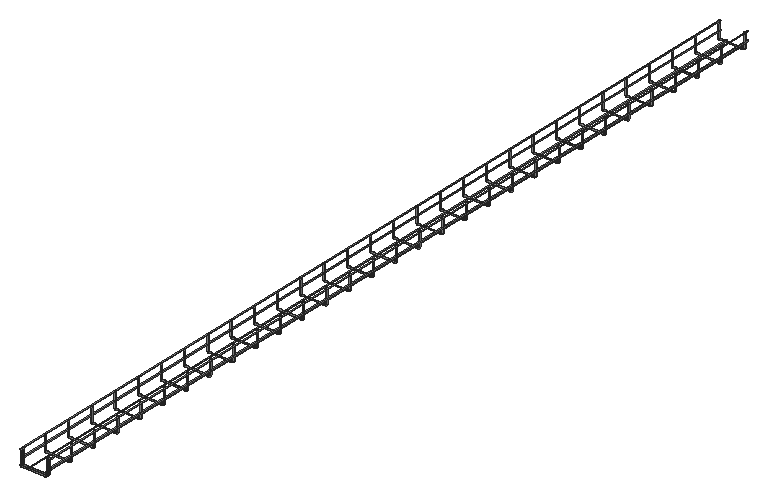
Revit family "Gitterrinne GRM - GRM 55 100 FT,GRM 55 100 G,GRM 55 100 A2,GRM 55 100 A4,", category Generic Models, Revit 2017
Family settings
  Can host rebar = No
  Round Connector Dimension = Use Diameter
  Part Type = Normal
  Work Plane-Based = No
  Always vertical = Yes
  Cut with Voids When Loaded = No
  Shared = No
  Room Calculation Point = No
Parameters (values of type "GRM 55 100 A2")
  Width 1 = Width / 2  # 50 mm
  Width = 100 mm
  URL = "http://www.obo-bettermann.com"
  Material = Stainless steel, A2
  Manufacturer Art.No. = "6001072"
  Manufacturer = "OBO Bettermann"
  Length = 3000 mm
  GTIN = "4012196101290"
  Article Type = "GRM 55 100 A2"
Types (5, lengths in mm): name | Material | Manufacturer Art.No. | GTIN | Article Type
  (no name) | Stainless steel, A2 | "6001072" | "4012196101290" | "GRM 55 100 A2"
  GRM 55 100 FT | Hot-dip galvanised | "6001416" | "4012196814879" | "GRM 55 100 FT"
  GRM 55 100 G | Electrogalvanised | "6001442" | "4012196858552" | "GRM 55 100 G"
  GRM 55 100 A2 | Stainless steel, A2 | "6001072" | "4012196101290" | "GRM 55 100 A2"
  GRM 55 100 A4 | Stainless steel, A4 | "6001088" | "4012195166016" | "GRM 55 100 A4"
Reference planes
  plane 1 "Center (Front/Back)": y = 0
  plane 2: z = 0
  plane 3 "Center (Left/Right)": x = 0
  plane 4: y = -2991.37
  plane 5: y = 8.63
Forms (mm)
  Sweep 1, solid, material "Stainless steel, A2" <- "Material"
    path in 3D
      loop
        line (-44.9, 0, 0) -> (-44.9, 0, -48.992)
        arc (-44.9, 0, -48.992) -> (-43.755, 0, -51.755) -> (-40.992, 0, -52.9) r 3.908
        line (-40.992, 0, -52.9) -> (41.043, 0, -52.9)
        arc (41.043, 0, -52.9) -> (43.77, 0, -51.77) -> (44.9, 0, -49.043) r 3.857
        line (44.9, 0, -49.043) -> (44.9, 0, 0)
    profile origin (44.9, 0, -24.521) x (-1, 0, 0) y (0, -1, 0)
      loop
        circle (0, 0) r 1.9
  Extrusion 2, solid, material "Stainless steel, A2" <- "Material"
    sketch origin (0, 0, 0) x (1, 0, 0) y (0, 0, 1)
      loop
        circle (-48.1, -1.9) r 1.9
      loop
        circle (-48.1, -31) r 1.9
      loop
        circle (-25, -56.1) r 1.9
      loop
        circle (48.1, -1.9) r 1.9
      loop
        circle (48.1, -31) r 1.9
      loop
        circle (25, -56.1) r 1.9
    from -8.63 to 2991.37
  Sweep 3, solid, material "Stainless steel, A2" <- "Material"
    path in 3D
      loop
        line (-44.9, -100, 0) -> (-44.9, -100, -48.992)
        arc (-44.9, -100, -48.992) -> (-43.755, -100, -51.755) -> (-40.992, -100, -52.9) r 3.908
        line (-40.992, -100, -52.9) -> (41.043, -100, -52.9)
        arc (41.043, -100, -52.9) -> (43.77, -100, -51.77) -> (44.9, -100, -49.043) r 3.857
        line (44.9, -100, -49.043) -> (44.9, -100, 0)
    profile origin (44.9, -100, -24.521) x (-1, 0, 0) y (0, -1, 0)
      loop
        circle (0, 0) r 1.9
  Sweep 4, solid, material "Stainless steel, A2" <- "Material"
    path in 3D
      loop
        line (-44.9, -200, 0) -> (-44.9, -200, -48.992)
        arc (-44.9, -200, -48.992) -> (-43.755, -200, -51.755) -> (-40.992, -200, -52.9) r 3.908
        line (-40.992, -200, -52.9) -> (41.043, -200, -52.9)
        arc (41.043, -200, -52.9) -> (43.77, -200, -51.77) -> (44.9, -200, -49.043) r 3.857
        line (44.9, -200, -49.043) -> (44.9, -200, 0)
    profile origin (44.9, -200, -24.521) x (-1, 0, 0) y (0, -1, 0)
      loop
        circle (0, 0) r 1.9
  Sweep 5, solid, material "Stainless steel, A2" <- "Material"
    path in 3D
      loop
        line (-44.9, -300, 0) -> (-44.9, -300, -48.992)
        arc (-44.9, -300, -48.992) -> (-43.755, -300, -51.755) -> (-40.992, -300, -52.9) r 3.908
        line (-40.992, -300, -52.9) -> (41.043, -300, -52.9)
        arc (41.043, -300, -52.9) -> (43.77, -300, -51.77) -> (44.9, -300, -49.043) r 3.857
        line (44.9, -300, -49.043) -> (44.9, -300, 0)
    profile origin (44.9, -300, -24.521) x (-1, 0, 0) y (0, -1, 0)
      loop
        circle (0, 0) r 1.9
  Sweep 6, solid, material "Stainless steel, A2" <- "Material"
    path in 3D
      loop
        line (-44.9, -400, 0) -> (-44.9, -400, -48.992)
        arc (-44.9, -400, -48.992) -> (-43.755, -400, -51.755) -> (-40.992, -400, -52.9) r 3.908
        line (-40.992, -400, -52.9) -> (41.043, -400, -52.9)
        arc (41.043, -400, -52.9) -> (43.77, -400, -51.77) -> (44.9, -400, -49.043) r 3.857
        line (44.9, -400, -49.043) -> (44.9, -400, 0)
    profile origin (44.9, -400, -24.521) x (-1, 0, 0) y (0, -1, 0)
      loop
        circle (0, 0) r 1.9
  Sweep 7, solid, material "Stainless steel, A2" <- "Material"
    path in 3D
      loop
        line (-44.9, -500, 0) -> (-44.9, -500, -48.992)
        arc (-44.9, -500, -48.992) -> (-43.755, -500, -51.755) -> (-40.992, -500, -52.9) r 3.908
        line (-40.992, -500, -52.9) -> (41.043, -500, -52.9)
        arc (41.043, -500, -52.9) -> (43.77, -500, -51.77) -> (44.9, -500, -49.043) r 3.857
        line (44.9, -500, -49.043) -> (44.9, -500, 0)
    profile origin (44.9, -500, -24.521) x (-1, 0, 0) y (0, -1, 0)
      loop
        circle (0, 0) r 1.9
  Sweep 8, solid, material "Stainless steel, A2" <- "Material"
    path in 3D
      loop
        line (-44.9, -600, 0) -> (-44.9, -600, -48.992)
        arc (-44.9, -600, -48.992) -> (-43.755, -600, -51.755) -> (-40.992, -600, -52.9) r 3.908
        line (-40.992, -600, -52.9) -> (41.043, -600, -52.9)
        arc (41.043, -600, -52.9) -> (43.77, -600, -51.77) -> (44.9, -600, -49.043) r 3.857
        line (44.9, -600, -49.043) -> (44.9, -600, 0)
    profile origin (44.9, -600, -24.521) x (-1, 0, 0) y (0, -1, 0)
      loop
        circle (0, 0) r 1.9
  Sweep 9, solid, material "Stainless steel, A2" <- "Material"
    path in 3D
      loop
        line (-44.9, -700, 0) -> (-44.9, -700, -48.992)
        arc (-44.9, -700, -48.992) -> (-43.755, -700, -51.755) -> (-40.992, -700, -52.9) r 3.908
        line (-40.992, -700, -52.9) -> (41.043, -700, -52.9)
        arc (41.043, -700, -52.9) -> (43.77, -700, -51.77) -> (44.9, -700, -49.043) r 3.857
        line (44.9, -700, -49.043) -> (44.9, -700, 0)
    profile origin (44.9, -700, -24.521) x (-1, 0, 0) y (0, -1, 0)
      loop
        circle (0, 0) r 1.9
  Sweep 10, solid, material "Stainless steel, A2" <- "Material"
    path in 3D
      loop
        line (-44.9, -800, 0) -> (-44.9, -800, -48.992)
        arc (-44.9, -800, -48.992) -> (-43.755, -800, -51.755) -> (-40.992, -800, -52.9) r 3.908
        line (-40.992, -800, -52.9) -> (41.043, -800, -52.9)
        arc (41.043, -800, -52.9) -> (43.77, -800, -51.77) -> (44.9, -800, -49.043) r 3.857
        line (44.9, -800, -49.043) -> (44.9, -800, 0)
    profile origin (44.9, -800, -24.521) x (-1, 0, 0) y (0, -1, 0)
      loop
        circle (0, 0) r 1.9
  Sweep 11, solid, material "Stainless steel, A2" <- "Material"
    path in 3D
      loop
        line (-44.9, -900, 0) -> (-44.9, -900, -48.992)
        arc (-44.9, -900, -48.992) -> (-43.755, -900, -51.755) -> (-40.992, -900, -52.9) r 3.908
        line (-40.992, -900, -52.9) -> (41.043, -900, -52.9)
        arc (41.043, -900, -52.9) -> (43.77, -900, -51.77) -> (44.9, -900, -49.043) r 3.857
        line (44.9, -900, -49.043) -> (44.9, -900, 0)
    profile origin (44.9, -900, -24.521) x (-1, 0, 0) y (0, -1, 0)
      loop
        circle (0, 0) r 1.9
  Sweep 12, solid, material "Stainless steel, A2" <- "Material"
    path in 3D
      loop
        line (-44.9, -1000, 0) -> (-44.9, -1000, -48.992)
        arc (-44.9, -1000, -48.992) -> (-43.755, -1000, -51.755) -> (-40.992, -1000, -52.9) r 3.908
        line (-40.992, -1000, -52.9) -> (41.043, -1000, -52.9)
        arc (41.043, -1000, -52.9) -> (43.77, -1000, -51.77) -> (44.9, -1000, -49.043) r 3.857
        line (44.9, -1000, -49.043) -> (44.9, -1000, 0)
    profile origin (44.9, -1000, -24.521) x (-1, 0, 0) y (0, -1, 0)
      loop
        circle (0, 0) r 1.9
  Sweep 13, solid, material "Stainless steel, A2" <- "Material"
    path in 3D
      loop
        line (-44.9, -1100, 0) -> (-44.9, -1100, -48.992)
        arc (-44.9, -1100, -48.992) -> (-43.755, -1100, -51.755) -> (-40.992, -1100, -52.9) r 3.908
        line (-40.992, -1100, -52.9) -> (41.043, -1100, -52.9)
        arc (41.043, -1100, -52.9) -> (43.77, -1100, -51.77) -> (44.9, -1100, -49.043) r 3.857
        line (44.9, -1100, -49.043) -> (44.9, -1100, 0)
    profile origin (44.9, -1100, -24.521) x (-1, 0, 0) y (0, -1, 0)
      loop
        circle (0, 0) r 1.9
  Sweep 14, solid, material "Stainless steel, A2" <- "Material"
    path in 3D
      loop
        line (-44.9, -1200, 0) -> (-44.9, -1200, -48.992)
        arc (-44.9, -1200, -48.992) -> (-43.755, -1200, -51.755) -> (-40.992, -1200, -52.9) r 3.908
        line (-40.992, -1200, -52.9) -> (41.043, -1200, -52.9)
        arc (41.043, -1200, -52.9) -> (43.77, -1200, -51.77) -> (44.9, -1200, -49.043) r 3.857
        line (44.9, -1200, -49.043) -> (44.9, -1200, 0)
    profile origin (44.9, -1200, -24.521) x (-1, 0, 0) y (0, -1, 0)
      loop
        circle (0, 0) r 1.9
  Sweep 15, solid, material "Stainless steel, A2" <- "Material"
    path in 3D
      loop
        line (-44.9, -1300, 0) -> (-44.9, -1300, -48.992)
        arc (-44.9, -1300, -48.992) -> (-43.755, -1300, -51.755) -> (-40.992, -1300, -52.9) r 3.908
        line (-40.992, -1300, -52.9) -> (41.043, -1300, -52.9)
        arc (41.043, -1300, -52.9) -> (43.77, -1300, -51.77) -> (44.9, -1300, -49.043) r 3.857
        line (44.9, -1300, -49.043) -> (44.9, -1300, 0)
    profile origin (44.9, -1300, -24.521) x (-1, 0, 0) y (0, -1, 0)
      loop
        circle (0, 0) r 1.9
  Sweep 16, solid, material "Stainless steel, A2" <- "Material"
    path in 3D
      loop
        line (-44.9, -1400, 0) -> (-44.9, -1400, -48.992)
        arc (-44.9, -1400, -48.992) -> (-43.755, -1400, -51.755) -> (-40.992, -1400, -52.9) r 3.908
        line (-40.992, -1400, -52.9) -> (41.043, -1400, -52.9)
        arc (41.043, -1400, -52.9) -> (43.77, -1400, -51.77) -> (44.9, -1400, -49.043) r 3.857
        line (44.9, -1400, -49.043) -> (44.9, -1400, 0)
    profile origin (44.9, -1400, -24.521) x (-1, 0, 0) y (0, -1, 0)
      loop
        circle (0, 0) r 1.9
  Sweep 17, solid, material "Stainless steel, A2" <- "Material"
    path in 3D
      loop
        line (-44.9, -1500, 0) -> (-44.9, -1500, -48.992)
        arc (-44.9, -1500, -48.992) -> (-43.755, -1500, -51.755) -> (-40.992, -1500, -52.9) r 3.908
        line (-40.992, -1500, -52.9) -> (41.043, -1500, -52.9)
        arc (41.043, -1500, -52.9) -> (43.77, -1500, -51.77) -> (44.9, -1500, -49.043) r 3.857
        line (44.9, -1500, -49.043) -> (44.9, -1500, 0)
    profile origin (44.9, -1500, -24.521) x (-1, 0, 0) y (0, -1, 0)
      loop
        circle (0, 0) r 1.9
  Sweep 18, solid, material "Stainless steel, A2" <- "Material"
    path in 3D
      loop
        line (-44.9, -1600, 0) -> (-44.9, -1600, -48.992)
        arc (-44.9, -1600, -48.992) -> (-43.755, -1600, -51.755) -> (-40.992, -1600, -52.9) r 3.908
        line (-40.992, -1600, -52.9) -> (41.043, -1600, -52.9)
        arc (41.043, -1600, -52.9) -> (43.77, -1600, -51.77) -> (44.9, -1600, -49.043) r 3.857
        line (44.9, -1600, -49.043) -> (44.9, -1600, 0)
    profile origin (44.9, -1600, -24.521) x (-1, 0, 0) y (0, -1, 0)
      loop
        circle (0, 0) r 1.9
  Sweep 19, solid, material "Stainless steel, A2" <- "Material"
    path in 3D
      loop
        line (-44.9, -1700, 0) -> (-44.9, -1700, -48.992)
        arc (-44.9, -1700, -48.992) -> (-43.755, -1700, -51.755) -> (-40.992, -1700, -52.9) r 3.908
        line (-40.992, -1700, -52.9) -> (41.043, -1700, -52.9)
        arc (41.043, -1700, -52.9) -> (43.77, -1700, -51.77) -> (44.9, -1700, -49.043) r 3.857
        line (44.9, -1700, -49.043) -> (44.9, -1700, 0)
    profile origin (44.9, -1700, -24.521) x (-1, 0, 0) y (0, -1, 0)
      loop
        circle (0, 0) r 1.9
  Sweep 20, solid, material "Stainless steel, A2" <- "Material"
    path in 3D
      loop
        line (-44.9, -1800, 0) -> (-44.9, -1800, -48.992)
        arc (-44.9, -1800, -48.992) -> (-43.755, -1800, -51.755) -> (-40.992, -1800, -52.9) r 3.908
        line (-40.992, -1800, -52.9) -> (41.043, -1800, -52.9)
        arc (41.043, -1800, -52.9) -> (43.77, -1800, -51.77) -> (44.9, -1800, -49.043) r 3.857
        line (44.9, -1800, -49.043) -> (44.9, -1800, 0)
    profile origin (44.9, -1800, -24.521) x (-1, 0, 0) y (0, -1, 0)
      loop
        circle (0, 0) r 1.9
  Sweep 21, solid, material "Stainless steel, A2" <- "Material"
    path in 3D
      loop
        line (-44.9, -1900, 0) -> (-44.9, -1900, -48.992)
        arc (-44.9, -1900, -48.992) -> (-43.755, -1900, -51.755) -> (-40.992, -1900, -52.9) r 3.908
        line (-40.992, -1900, -52.9) -> (41.043, -1900, -52.9)
        arc (41.043, -1900, -52.9) -> (43.77, -1900, -51.77) -> (44.9, -1900, -49.043) r 3.857
        line (44.9, -1900, -49.043) -> (44.9, -1900, 0)
    profile origin (44.9, -1900, -24.521) x (-1, 0, 0) y (0, -1, 0)
      loop
        circle (0, 0) r 1.9
  Sweep 22, solid, material "Stainless steel, A2" <- "Material"
    path in 3D
      loop
        line (-44.9, -2000, 0) -> (-44.9, -2000, -48.992)
        arc (-44.9, -2000, -48.992) -> (-43.755, -2000, -51.755) -> (-40.992, -2000, -52.9) r 3.908
        line (-40.992, -2000, -52.9) -> (41.043, -2000, -52.9)
        arc (41.043, -2000, -52.9) -> (43.77, -2000, -51.77) -> (44.9, -2000, -49.043) r 3.857
        line (44.9, -2000, -49.043) -> (44.9, -2000, 0)
    profile origin (44.9, -2000, -24.521) x (-1, 0, 0) y (0, -1, 0)
      loop
        circle (0, 0) r 1.9
  Sweep 23, solid, material "Stainless steel, A2" <- "Material"
    path in 3D
      loop
        line (-44.9, -2100, 0) -> (-44.9, -2100, -48.992)
        arc (-44.9, -2100, -48.992) -> (-43.755, -2100, -51.755) -> (-40.992, -2100, -52.9) r 3.908
        line (-40.992, -2100, -52.9) -> (41.043, -2100, -52.9)
        arc (41.043, -2100, -52.9) -> (43.77, -2100, -51.77) -> (44.9, -2100, -49.043) r 3.857
        line (44.9, -2100, -49.043) -> (44.9, -2100, 0)
    profile origin (44.9, -2100, -24.521) x (-1, 0, 0) y (0, -1, 0)
      loop
        circle (0, 0) r 1.9
  Sweep 24, solid, material "Stainless steel, A2" <- "Material"
    path in 3D
      loop
        line (-44.9, -2200, 0) -> (-44.9, -2200, -48.992)
        arc (-44.9, -2200, -48.992) -> (-43.755, -2200, -51.755) -> (-40.992, -2200, -52.9) r 3.908
        line (-40.992, -2200, -52.9) -> (41.043, -2200, -52.9)
        arc (41.043, -2200, -52.9) -> (43.77, -2200, -51.77) -> (44.9, -2200, -49.043) r 3.857
        line (44.9, -2200, -49.043) -> (44.9, -2200, 0)
    profile origin (44.9, -2200, -24.521) x (-1, 0, 0) y (0, -1, 0)
      loop
        circle (0, 0) r 1.9
  Sweep 25, solid, material "Stainless steel, A2" <- "Material"
    path in 3D
      loop
        line (-44.9, -2300, 0) -> (-44.9, -2300, -48.992)
        arc (-44.9, -2300, -48.992) -> (-43.755, -2300, -51.755) -> (-40.992, -2300, -52.9) r 3.908
        line (-40.992, -2300, -52.9) -> (41.043, -2300, -52.9)
        arc (41.043, -2300, -52.9) -> (43.77, -2300, -51.77) -> (44.9, -2300, -49.043) r 3.857
        line (44.9, -2300, -49.043) -> (44.9, -2300, 0)
    profile origin (44.9, -2300, -24.521) x (-1, 0, 0) y (0, -1, 0)
      loop
        circle (0, 0) r 1.9
  Sweep 26, solid, material "Stainless steel, A2" <- "Material"
    path in 3D
      loop
        line (-44.9, -2400, 0) -> (-44.9, -2400, -48.992)
        arc (-44.9, -2400, -48.992) -> (-43.755, -2400, -51.755) -> (-40.992, -2400, -52.9) r 3.908
        line (-40.992, -2400, -52.9) -> (41.043, -2400, -52.9)
        arc (41.043, -2400, -52.9) -> (43.77, -2400, -51.77) -> (44.9, -2400, -49.043) r 3.857
        line (44.9, -2400, -49.043) -> (44.9, -2400, 0)
    profile origin (44.9, -2400, -24.521) x (-1, 0, 0) y (0, -1, 0)
      loop
        circle (0, 0) r 1.9
  Sweep 27, solid, material "Stainless steel, A2" <- "Material"
    path in 3D
      loop
        line (-44.9, -2500, 0) -> (-44.9, -2500, -48.992)
        arc (-44.9, -2500, -48.992) -> (-43.755, -2500, -51.755) -> (-40.992, -2500, -52.9) r 3.908
        line (-40.992, -2500, -52.9) -> (41.043, -2500, -52.9)
        arc (41.043, -2500, -52.9) -> (43.77, -2500, -51.77) -> (44.9, -2500, -49.043) r 3.857
        line (44.9, -2500, -49.043) -> (44.9, -2500, 0)
    profile origin (44.9, -2500, -24.521) x (-1, 0, 0) y (0, -1, 0)
      loop
        circle (0, 0) r 1.9
  Sweep 28, solid, material "Stainless steel, A2" <- "Material"
    path in 3D
      loop
        line (-44.9, -2600, 0) -> (-44.9, -2600, -48.992)
        arc (-44.9, -2600, -48.992) -> (-43.755, -2600, -51.755) -> (-40.992, -2600, -52.9) r 3.908
        line (-40.992, -2600, -52.9) -> (41.043, -2600, -52.9)
        arc (41.043, -2600, -52.9) -> (43.77, -2600, -51.77) -> (44.9, -2600, -49.043) r 3.857
        line (44.9, -2600, -49.043) -> (44.9, -2600, 0)
    profile origin (44.9, -2600, -24.521) x (-1, 0, 0) y (0, -1, 0)
      loop
        circle (0, 0) r 1.9
  Sweep 29, solid, material "Stainless steel, A2" <- "Material"
    path in 3D
      loop
        line (-44.9, -2700, 0) -> (-44.9, -2700, -48.992)
        arc (-44.9, -2700, -48.992) -> (-43.755, -2700, -51.755) -> (-40.992, -2700, -52.9) r 3.908
        line (-40.992, -2700, -52.9) -> (41.043, -2700, -52.9)
        arc (41.043, -2700, -52.9) -> (43.77, -2700, -51.77) -> (44.9, -2700, -49.043) r 3.857
        line (44.9, -2700, -49.043) -> (44.9, -2700, 0)
    profile origin (44.9, -2700, -24.521) x (-1, 0, 0) y (0, -1, 0)
      loop
        circle (0, 0) r 1.9
  Sweep 30, solid, material "Stainless steel, A2" <- "Material"
    path in 3D
      loop
        line (-44.9, -2800, 0) -> (-44.9, -2800, -48.992)
        arc (-44.9, -2800, -48.992) -> (-43.755, -2800, -51.755) -> (-40.992, -2800, -52.9) r 3.908
        line (-40.992, -2800, -52.9) -> (41.043, -2800, -52.9)
        arc (41.043, -2800, -52.9) -> (43.77, -2800, -51.77) -> (44.9, -2800, -49.043) r 3.857
        line (44.9, -2800, -49.043) -> (44.9, -2800, 0)
    profile origin (44.9, -2800, -24.521) x (-1, 0, 0) y (0, -1, 0)
      loop
        circle (0, 0) r 1.9
  Sweep 31, solid, material "Stainless steel, A2" <- "Material"
    path in 3D
      loop
        line (-44.9, -2900, 0) -> (-44.9, -2900, -48.992)
        arc (-44.9, -2900, -48.992) -> (-43.755, -2900, -51.755) -> (-40.992, -2900, -52.9) r 3.908
        line (-40.992, -2900, -52.9) -> (41.043, -2900, -52.9)
        arc (41.043, -2900, -52.9) -> (43.77, -2900, -51.77) -> (44.9, -2900, -49.043) r 3.857
        line (44.9, -2900, -49.043) -> (44.9, -2900, 0)
    profile origin (44.9, -2900, -24.521) x (-1, 0, 0) y (0, -1, 0)
      loop
        circle (0, 0) r 1.9
  Sweep 32, solid, material "Stainless steel, A2" <- "Material"
    path in 3D
      loop
        line (-44.9, -2995.782, 0) -> (-44.9, -2995.782, -48.992)
        arc (-44.9, -2995.782, -48.992) -> (-43.755, -2995.782, -51.755) -> (-40.992, -2995.782, -52.9) r 3.908
        line (-40.992, -2995.782, -52.9) -> (41.043, -2995.782, -52.9)
        arc (41.043, -2995.782, -52.9) -> (43.77, -2995.782, -51.77) -> (44.9, -2995.782, -49.043) r 3.857
        line (44.9, -2995.782, -49.043) -> (44.9, -2995.782, 0)
    profile origin (44.9, -2995.782, -24.521) x (-1, 0, 0) y (0, -1, 0)
      loop
        circle (0, 0) r 1.9
  Sweep 33, solid, material "Stainless steel, A2" <- "Material"
    path in 3D
      loop
        line (-44.9, -3004.099, 0) -> (-44.9, -3004.099, -48.992)
        arc (-44.9, -3004.099, -48.992) -> (-43.755, -3004.099, -51.755) -> (-40.992, -3004.099, -52.9) r 3.908
        line (-40.992, -3004.099, -52.9) -> (41.043, -3004.099, -52.9)
        arc (41.043, -3004.099, -52.9) -> (43.77, -3004.099, -51.77) -> (44.9, -3004.099, -49.043) r 3.857
        line (44.9, -3004.099, -49.043) -> (44.9, -3004.099, 0)
    profile origin (44.9, -3004.099, -24.521) x (-1, 0, 0) y (0, -1, 0)
      loop
        circle (0, 0) r 1.9
Lines and regions (mm)
  reference lines
    curve 1: line (-50, 0, 0) -> (-50, 0, -48.992)
    curve 2: line (-46.092, 0, -52.9) -> (46.143, 0, -52.9)
    curve 3: line (50, 0, -49.043) -> (50, 0, 0)
    curve 4: arc (46.143, 0, -52.9) -> (48.87, 0, -51.77) -> (50, 0, -49.043) r 3.857
    curve 5: arc (-50, 0, -48.992) -> (-48.855, 0, -51.755) -> (-46.092, 0, -52.9) r 3.908
  sketch lines
    curve 6: line (44.9, 0, -49.043) -> (44.9, 0, 0)
    curve 7: arc (41.043, 0, -52.9) -> (43.77, 0, -51.77) -> (44.9, 0, -49.043) r 3.857
    curve 8: line (-40.992, 0, -52.9) -> (41.043, 0, -52.9)
    curve 9: arc (-44.9, 0, -48.992) -> (-43.755, 0, -51.755) -> (-40.992, 0, -52.9) r 3.908
    curve 10: line (-44.9, 0, 0) -> (-44.9, 0, -48.992)
    curve 11: line (44.9, -100, -49.043) -> (44.9, -100, 0)
    curve 12: arc (41.043, -100, -52.9) -> (43.77, -100, -51.77) -> (44.9, -100, -49.043) r 3.857
    curve 13: line (-40.992, -100, -52.9) -> (41.043, -100, -52.9)
    curve 14: arc (-44.9, -100, -48.992) -> (-43.755, -100, -51.755) -> (-40.992, -100, -52.9) r 3.908
    curve 15: line (-44.9, -100, 0) -> (-44.9, -100, -48.992)
    curve 16: line (44.9, -200, -49.043) -> (44.9, -200, 0)
    curve 17: arc (41.043, -200, -52.9) -> (43.77, -200, -51.77) -> (44.9, -200, -49.043) r 3.857
    curve 18: line (-40.992, -200, -52.9) -> (41.043, -200, -52.9)
    curve 19: arc (-44.9, -200, -48.992) -> (-43.755, -200, -51.755) -> (-40.992, -200, -52.9) r 3.908
    curve 20: line (-44.9, -200, 0) -> (-44.9, -200, -48.992)
    curve 21: line (44.9, -300, -49.043) -> (44.9, -300, 0)
    curve 22: arc (41.043, -300, -52.9) -> (43.77, -300, -51.77) -> (44.9, -300, -49.043) r 3.857
    curve 23: line (-40.992, -300, -52.9) -> (41.043, -300, -52.9)
    curve 24: arc (-44.9, -300, -48.992) -> (-43.755, -300, -51.755) -> (-40.992, -300, -52.9) r 3.908
    curve 25: line (-44.9, -300, 0) -> (-44.9, -300, -48.992)
    curve 26: line (44.9, -400, -49.043) -> (44.9, -400, 0)
    curve 27: arc (41.043, -400, -52.9) -> (43.77, -400, -51.77) -> (44.9, -400, -49.043) r 3.857
    curve 28: line (-40.992, -400, -52.9) -> (41.043, -400, -52.9)
    curve 29: arc (-44.9, -400, -48.992) -> (-43.755, -400, -51.755) -> (-40.992, -400, -52.9) r 3.908
    curve 30: line (-44.9, -400, 0) -> (-44.9, -400, -48.992)
    curve 31: line (44.9, -500, -49.043) -> (44.9, -500, 0)
    curve 32: arc (41.043, -500, -52.9) -> (43.77, -500, -51.77) -> (44.9, -500, -49.043) r 3.857
    curve 33: line (-40.992, -500, -52.9) -> (41.043, -500, -52.9)
    curve 34: arc (-44.9, -500, -48.992) -> (-43.755, -500, -51.755) -> (-40.992, -500, -52.9) r 3.908
    curve 35: line (-44.9, -500, 0) -> (-44.9, -500, -48.992)
    curve 36: line (44.9, -600, -49.043) -> (44.9, -600, 0)
    curve 37: arc (41.043, -600, -52.9) -> (43.77, -600, -51.77) -> (44.9, -600, -49.043) r 3.857
    curve 38: line (-40.992, -600, -52.9) -> (41.043, -600, -52.9)
    curve 39: arc (-44.9, -600, -48.992) -> (-43.755, -600, -51.755) -> (-40.992, -600, -52.9) r 3.908
    curve 40: line (-44.9, -600, 0) -> (-44.9, -600, -48.992)
    curve 41: line (44.9, -700, -49.043) -> (44.9, -700, 0)
    curve 42: arc (41.043, -700, -52.9) -> (43.77, -700, -51.77) -> (44.9, -700, -49.043) r 3.857
    curve 43: line (-40.992, -700, -52.9) -> (41.043, -700, -52.9)
    curve 44: arc (-44.9, -700, -48.992) -> (-43.755, -700, -51.755) -> (-40.992, -700, -52.9) r 3.908
    curve 45: line (-44.9, -700, 0) -> (-44.9, -700, -48.992)
    curve 46: line (44.9, -800, -49.043) -> (44.9, -800, 0)
    curve 47: arc (41.043, -800, -52.9) -> (43.77, -800, -51.77) -> (44.9, -800, -49.043) r 3.857
    curve 48: line (-40.992, -800, -52.9) -> (41.043, -800, -52.9)
    curve 49: arc (-44.9, -800, -48.992) -> (-43.755, -800, -51.755) -> (-40.992, -800, -52.9) r 3.908
    curve 50: line (-44.9, -800, 0) -> (-44.9, -800, -48.992)
    curve 51: line (44.9, -900, -49.043) -> (44.9, -900, 0)
    curve 52: arc (41.043, -900, -52.9) -> (43.77, -900, -51.77) -> (44.9, -900, -49.043) r 3.857
    curve 53: line (-40.992, -900, -52.9) -> (41.043, -900, -52.9)
    curve 54: arc (-44.9, -900, -48.992) -> (-43.755, -900, -51.755) -> (-40.992, -900, -52.9) r 3.908
    curve 55: line (-44.9, -900, 0) -> (-44.9, -900, -48.992)
    curve 56: line (44.9, -1000, -49.043) -> (44.9, -1000, 0)
    curve 57: arc (41.043, -1000, -52.9) -> (43.77, -1000, -51.77) -> (44.9, -1000, -49.043) r 3.857
    curve 58: line (-40.992, -1000, -52.9) -> (41.043, -1000, -52.9)
    curve 59: arc (-44.9, -1000, -48.992) -> (-43.755, -1000, -51.755) -> (-40.992, -1000, -52.9) r 3.908
    curve 60: line (-44.9, -1000, 0) -> (-44.9, -1000, -48.992)
    curve 61: line (44.9, -1100, -49.043) -> (44.9, -1100, 0)
    curve 62: arc (41.043, -1100, -52.9) -> (43.77, -1100, -51.77) -> (44.9, -1100, -49.043) r 3.857
    curve 63: line (-40.992, -1100, -52.9) -> (41.043, -1100, -52.9)
    curve 64: arc (-44.9, -1100, -48.992) -> (-43.755, -1100, -51.755) -> (-40.992, -1100, -52.9) r 3.908
    curve 65: line (-44.9, -1100, 0) -> (-44.9, -1100, -48.992)
    curve 66: line (44.9, -1200, -49.043) -> (44.9, -1200, 0)
    curve 67: arc (41.043, -1200, -52.9) -> (43.77, -1200, -51.77) -> (44.9, -1200, -49.043) r 3.857
    curve 68: line (-40.992, -1200, -52.9) -> (41.043, -1200, -52.9)
    curve 69: arc (-44.9, -1200, -48.992) -> (-43.755, -1200, -51.755) -> (-40.992, -1200, -52.9) r 3.908
    curve 70: line (-44.9, -1200, 0) -> (-44.9, -1200, -48.992)
    curve 71: line (44.9, -1300, -49.043) -> (44.9, -1300, 0)
    curve 72: arc (41.043, -1300, -52.9) -> (43.77, -1300, -51.77) -> (44.9, -1300, -49.043) r 3.857
    curve 73: line (-40.992, -1300, -52.9) -> (41.043, -1300, -52.9)
    curve 74: arc (-44.9, -1300, -48.992) -> (-43.755, -1300, -51.755) -> (-40.992, -1300, -52.9) r 3.908
    curve 75: line (-44.9, -1300, 0) -> (-44.9, -1300, -48.992)
    curve 76: line (44.9, -1400, -49.043) -> (44.9, -1400, 0)
    curve 77: arc (41.043, -1400, -52.9) -> (43.77, -1400, -51.77) -> (44.9, -1400, -49.043) r 3.857
    curve 78: line (-40.992, -1400, -52.9) -> (41.043, -1400, -52.9)
    curve 79: arc (-44.9, -1400, -48.992) -> (-43.755, -1400, -51.755) -> (-40.992, -1400, -52.9) r 3.908
    curve 80: line (-44.9, -1400, 0) -> (-44.9, -1400, -48.992)
    curve 81: line (44.9, -1500, -49.043) -> (44.9, -1500, 0)
    curve 82: arc (41.043, -1500, -52.9) -> (43.77, -1500, -51.77) -> (44.9, -1500, -49.043) r 3.857
    curve 83: line (-40.992, -1500, -52.9) -> (41.043, -1500, -52.9)
    curve 84: arc (-44.9, -1500, -48.992) -> (-43.755, -1500, -51.755) -> (-40.992, -1500, -52.9) r 3.908
    curve 85: line (-44.9, -1500, 0) -> (-44.9, -1500, -48.992)
    curve 86: line (44.9, -1600, -49.043) -> (44.9, -1600, 0)
    curve 87: arc (41.043, -1600, -52.9) -> (43.77, -1600, -51.77) -> (44.9, -1600, -49.043) r 3.857
    curve 88: line (-40.992, -1600, -52.9) -> (41.043, -1600, -52.9)
    curve 89: arc (-44.9, -1600, -48.992) -> (-43.755, -1600, -51.755) -> (-40.992, -1600, -52.9) r 3.908
    curve 90: line (-44.9, -1600, 0) -> (-44.9, -1600, -48.992)
    curve 91: line (44.9, -1700, -49.043) -> (44.9, -1700, 0)
    curve 92: arc (41.043, -1700, -52.9) -> (43.77, -1700, -51.77) -> (44.9, -1700, -49.043) r 3.857
    curve 93: line (-40.992, -1700, -52.9) -> (41.043, -1700, -52.9)
    curve 94: arc (-44.9, -1700, -48.992) -> (-43.755, -1700, -51.755) -> (-40.992, -1700, -52.9) r 3.908
    curve 95: line (-44.9, -1700, 0) -> (-44.9, -1700, -48.992)
    curve 96: line (44.9, -1800, -49.043) -> (44.9, -1800, 0)
    curve 97: arc (41.043, -1800, -52.9) -> (43.77, -1800, -51.77) -> (44.9, -1800, -49.043) r 3.857
    curve 98: line (-40.992, -1800, -52.9) -> (41.043, -1800, -52.9)
    curve 99: arc (-44.9, -1800, -48.992) -> (-43.755, -1800, -51.755) -> (-40.992, -1800, -52.9) r 3.908
    curve 100: line (-44.9, -1800, 0) -> (-44.9, -1800, -48.992)
    curve 101: line (44.9, -1900, -49.043) -> (44.9, -1900, 0)
    curve 102: arc (41.043, -1900, -52.9) -> (43.77, -1900, -51.77) -> (44.9, -1900, -49.043) r 3.857
    curve 103: line (-40.992, -1900, -52.9) -> (41.043, -1900, -52.9)
    curve 104: arc (-44.9, -1900, -48.992) -> (-43.755, -1900, -51.755) -> (-40.992, -1900, -52.9) r 3.908
    curve 105: line (-44.9, -1900, 0) -> (-44.9, -1900, -48.992)
    curve 106: line (44.9, -2000, -49.043) -> (44.9, -2000, 0)
    curve 107: arc (41.043, -2000, -52.9) -> (43.77, -2000, -51.77) -> (44.9, -2000, -49.043) r 3.857
    curve 108: line (-40.992, -2000, -52.9) -> (41.043, -2000, -52.9)
    curve 109: arc (-44.9, -2000, -48.992) -> (-43.755, -2000, -51.755) -> (-40.992, -2000, -52.9) r 3.908
    curve 110: line (-44.9, -2000, 0) -> (-44.9, -2000, -48.992)
    curve 111: line (44.9, -2100, -49.043) -> (44.9, -2100, 0)
    curve 112: arc (41.043, -2100, -52.9) -> (43.77, -2100, -51.77) -> (44.9, -2100, -49.043) r 3.857
    curve 113: line (-40.992, -2100, -52.9) -> (41.043, -2100, -52.9)
    curve 114: arc (-44.9, -2100, -48.992) -> (-43.755, -2100, -51.755) -> (-40.992, -2100, -52.9) r 3.908
    curve 115: line (-44.9, -2100, 0) -> (-44.9, -2100, -48.992)
    curve 116: line (44.9, -2200, -49.043) -> (44.9, -2200, 0)
    curve 117: arc (41.043, -2200, -52.9) -> (43.77, -2200, -51.77) -> (44.9, -2200, -49.043) r 3.857
    curve 118: line (-40.992, -2200, -52.9) -> (41.043, -2200, -52.9)
    curve 119: arc (-44.9, -2200, -48.992) -> (-43.755, -2200, -51.755) -> (-40.992, -2200, -52.9) r 3.908
    curve 120: line (-44.9, -2200, 0) -> (-44.9, -2200, -48.992)
    curve 121: line (44.9, -2300, -49.043) -> (44.9, -2300, 0)
    curve 122: arc (41.043, -2300, -52.9) -> (43.77, -2300, -51.77) -> (44.9, -2300, -49.043) r 3.857
    curve 123: line (-40.992, -2300, -52.9) -> (41.043, -2300, -52.9)
    curve 124: arc (-44.9, -2300, -48.992) -> (-43.755, -2300, -51.755) -> (-40.992, -2300, -52.9) r 3.908
    curve 125: line (-44.9, -2300, 0) -> (-44.9, -2300, -48.992)
    curve 126: line (44.9, -2400, -49.043) -> (44.9, -2400, 0)
    curve 127: arc (41.043, -2400, -52.9) -> (43.77, -2400, -51.77) -> (44.9, -2400, -49.043) r 3.857
    curve 128: line (-40.992, -2400, -52.9) -> (41.043, -2400, -52.9)
    curve 129: arc (-44.9, -2400, -48.992) -> (-43.755, -2400, -51.755) -> (-40.992, -2400, -52.9) r 3.908
    curve 130: line (-44.9, -2400, 0) -> (-44.9, -2400, -48.992)
    curve 131: line (44.9, -2500, -49.043) -> (44.9, -2500, 0)
    curve 132: arc (41.043, -2500, -52.9) -> (43.77, -2500, -51.77) -> (44.9, -2500, -49.043) r 3.857
    curve 133: line (-40.992, -2500, -52.9) -> (41.043, -2500, -52.9)
    curve 134: arc (-44.9, -2500, -48.992) -> (-43.755, -2500, -51.755) -> (-40.992, -2500, -52.9) r 3.908
    curve 135: line (-44.9, -2500, 0) -> (-44.9, -2500, -48.992)
    curve 136: line (44.9, -2600, -49.043) -> (44.9, -2600, 0)
    curve 137: arc (41.043, -2600, -52.9) -> (43.77, -2600, -51.77) -> (44.9, -2600, -49.043) r 3.857
    curve 138: line (-40.992, -2600, -52.9) -> (41.043, -2600, -52.9)
    curve 139: arc (-44.9, -2600, -48.992) -> (-43.755, -2600, -51.755) -> (-40.992, -2600, -52.9) r 3.908
    curve 140: line (-44.9, -2600, 0) -> (-44.9, -2600, -48.992)
    curve 141: line (44.9, -2700, -49.043) -> (44.9, -2700, 0)
    curve 142: arc (41.043, -2700, -52.9) -> (43.77, -2700, -51.77) -> (44.9, -2700, -49.043) r 3.857
    curve 143: line (-40.992, -2700, -52.9) -> (41.043, -2700, -52.9)
    curve 144: arc (-44.9, -2700, -48.992) -> (-43.755, -2700, -51.755) -> (-40.992, -2700, -52.9) r 3.908
    curve 145: line (-44.9, -2700, 0) -> (-44.9, -2700, -48.992)
    curve 146: line (44.9, -2800, -49.043) -> (44.9, -2800, 0)
    curve 147: arc (41.043, -2800, -52.9) -> (43.77, -2800, -51.77) -> (44.9, -2800, -49.043) r 3.857
    curve 148: line (-40.992, -2800, -52.9) -> (41.043, -2800, -52.9)
    curve 149: arc (-44.9, -2800, -48.992) -> (-43.755, -2800, -51.755) -> (-40.992, -2800, -52.9) r 3.908
    curve 150: line (-44.9, -2800, 0) -> (-44.9, -2800, -48.992)
    curve 151: line (44.9, -2900, -49.043) -> (44.9, -2900, 0)
    curve 152: arc (41.043, -2900, -52.9) -> (43.77, -2900, -51.77) -> (44.9, -2900, -49.043) r 3.857
    curve 153: line (-40.992, -2900, -52.9) -> (41.043, -2900, -52.9)
    curve 154: arc (-44.9, -2900, -48.992) -> (-43.755, -2900, -51.755) -> (-40.992, -2900, -52.9) r 3.908
    curve 155: line (-44.9, -2900, 0) -> (-44.9, -2900, -48.992)
    curve 156: line (44.9, -2995.782, -49.043) -> (44.9, -2995.782, 0)
    curve 157: arc (41.043, -2995.782, -52.9) -> (43.77, -2995.782, -51.77) -> (44.9, -2995.782, -49.043) r 3.857
    curve 158: line (-40.992, -2995.782, -52.9) -> (41.043, -2995.782, -52.9)
    curve 159: arc (-44.9, -2995.782, -48.992) -> (-43.755, -2995.782, -51.755) -> (-40.992, -2995.782, -52.9) r 3.908
    curve 160: line (-44.9, -2995.782, 0) -> (-44.9, -2995.782, -48.992)
    curve 161: line (44.9, -3004.099, -49.043) -> (44.9, -3004.099, 0)
    curve 162: arc (41.043, -3004.099, -52.9) -> (43.77, -3004.099, -51.77) -> (44.9, -3004.099, -49.043) r 3.857
    curve 163: line (-40.992, -3004.099, -52.9) -> (41.043, -3004.099, -52.9)
    curve 164: arc (-44.9, -3004.099, -48.992) -> (-43.755, -3004.099, -51.755) -> (-40.992, -3004.099, -52.9) r 3.908
    curve 165: line (-44.9, -3004.099, 0) -> (-44.9, -3004.099, -48.992)
Dimensions and locks
  "Width": curve 1 to curve 3
  "Width 1": curve 1 to plane 3 "Center (Left/Right)"
  locked: level to curve 2 at 52.9
  locked: plane 3 "Center (Left/Right)" to Extrusion 2 sketch curve at 48.1  (x2)
  locked: Extrusion 2 sketch curve to curve 2 at 51  (x2)
  locked: Extrusion 2 sketch curve to curve 2 at 21.9  (x2)
  locked: plane 3 "Center (Left/Right)" to Extrusion 2 sketch curve at 25
  locked: curve 2 to Extrusion 2 sketch curve at 3.2  (x2)
  locked: Extrusion 2 sketch curve to plane 3 "Center (Left/Right)" at 48.1  (x2)
  locked: Extrusion 2 sketch curve to plane 3 "Center (Left/Right)" at 25
  locked: plane 1 "Center (Front/Back)" to plane 5 at 8.63
  "Length": plane 5 to plane 4
  radius of curve 5 = 3.908 mm
  radius of curve 4 = 3.857 mm
  diameter of Sweep 1 sketch curve = 3.8 mm
  diameter of Extrusion 2 sketch curve = 3.8 mm  (x6)
  diameter of Sweep 3 sketch curve = 3.8 mm
  diameter of Sweep 4 sketch curve = 3.8 mm
  diameter of Sweep 5 sketch curve = 3.8 mm
  diameter of Sweep 6 sketch curve = 3.8 mm
  diameter of Sweep 7 sketch curve = 3.8 mm
  diameter of Sweep 8 sketch curve = 3.8 mm
  diameter of Sweep 9 sketch curve = 3.8 mm
  diameter of Sweep 10 sketch curve = 3.8 mm
  diameter of Sweep 11 sketch curve = 3.8 mm
  diameter of Sweep 12 sketch curve = 3.8 mm
  diameter of Sweep 13 sketch curve = 3.8 mm
  diameter of Sweep 14 sketch curve = 3.8 mm
  diameter of Sweep 15 sketch curve = 3.8 mm
  diameter of Sweep 16 sketch curve = 3.8 mm
  diameter of Sweep 17 sketch curve = 3.8 mm
  diameter of Sweep 18 sketch curve = 3.8 mm
  diameter of Sweep 19 sketch curve = 3.8 mm
  diameter of Sweep 20 sketch curve = 3.8 mm
  diameter of Sweep 21 sketch curve = 3.8 mm
  diameter of Sweep 22 sketch curve = 3.8 mm
  diameter of Sweep 23 sketch curve = 3.8 mm
  diameter of Sweep 24 sketch curve = 3.8 mm
  diameter of Sweep 25 sketch curve = 3.8 mm
  diameter of Sweep 26 sketch curve = 3.8 mm
  diameter of Sweep 27 sketch curve = 3.8 mm
  diameter of Sweep 28 sketch curve = 3.8 mm
  diameter of Sweep 29 sketch curve = 3.8 mm
  diameter of Sweep 30 sketch curve = 3.8 mm
  diameter of Sweep 31 sketch curve = 3.8 mm
  diameter of Sweep 32 sketch curve = 3.8 mm
  diameter of Sweep 33 sketch curve = 3.8 mm
  aligned and locked: level to plane 2
  aligned and locked: plane 2 to curve 3
  aligned and locked: plane 2 to curve 1
  aligned and locked: plane 5 to Extrusion 2
  aligned and locked: Extrusion 2 to plane 4
Automatic sketch dimensions
  Sweep 29 sketch curve to profile plane = 0 mm
  profile plane to Sweep 29 sketch curve = 0 mm
  Sweep 33 sketch curve to profile plane = 0 mm
  profile plane to Sweep 33 sketch curve = 0 mm
